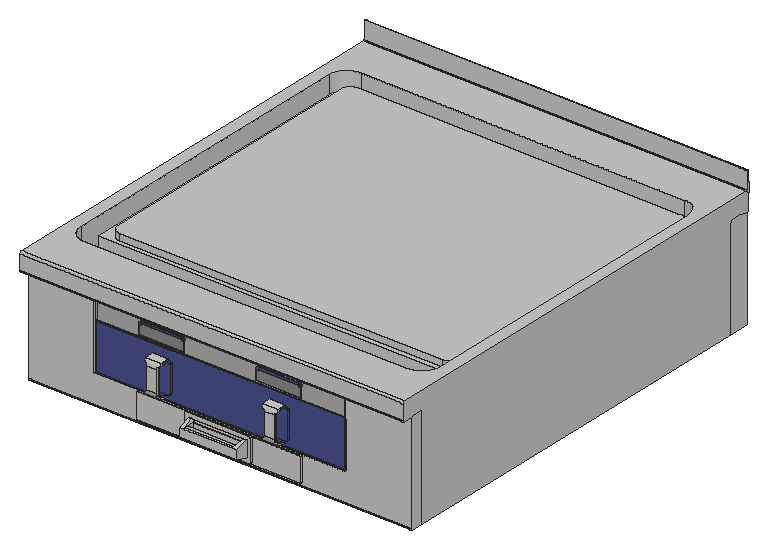
Revit family "QF_ELECTROLUXPROFESSIONAL_589091_MCHMABHOAO", category Specialty Equipment, Revit 2018
Family settings
  Round Connector Dimension = Use Diameter
  Part Type = Normal
  Work Plane-Based = No
  Always vertical = Yes
  Cut with Voids When Loaded = No
  Shared = No
  Room Calculation Point = No
Parameters
  Weight in Pounds = 264.6
  Watts = 15300 VA  # 15300 W
  Volts = 400 V  # constant formula
  URL Cutsheet = ""
  Type Mark [instance] = ""
  Status [instance] = ""
  Specification by User [instance] = ""
  Specification by Manufacturer = ""
  Show Clearance [instance] = yes
  Serial Number = ""
  Seismic Rating = ""
  SMACNA No = ""
  Revision Code [instance] = ""
  Phase = 3  # constant formula
  Omniclass Number and Title = ""
  Number of Poles [instance] = 1
  NAFEM Spec ID Number = ""
  Model = "589091"
  Min Ckt Ampacity = 0 A
  Max Overcurrent Protection = 0 A
  Masterspec = ""
  Manufacturer = "ELECTROLUX"
  Item Number [instance] = ""
  Installed By [instance] = ""
  Identify Quantity as Lot [instance] = yes
  HP = "20.5 HP"
  Furnished By [instance] = ""
  Foodservice Equipment Identifier [instance] = yes
  FL Amps [instance] = if(Phase = 3, Watts / (Volts * 1.73), Watts / Volts)  # 22.1098 A
  Electrical Remarks = "400 V/3N ph/50/60 Hz"  # constant formula
  Electric Connection Type [instance] = ""
  Elec Conn RI Height [instance] = 0 mm
  Elec Conn Connection Height [instance] = 0 mm
  Direct Waste Size = 0"
  Description = "EL.FRYTOP,SMOOTH PL,1S,BSPL,800X900X250"
  Cycle [instance] = if([60 Hertz Option], 60 Hz, 50 Hz)  # 60 Hz
  Conn Plug = ""
  Conn Conduit = yes
  CSI MasterFormat = ""
  CSI Master Format = ""
  Apparent Power [instance] = if(Phase = 3, Volts * FL Amps * 1.73, Volts * FL Amps)  # 15300 VA
  60 Hertz Option [instance] = not([50 Hertz Option])  # yes
  50 Hertz Option [instance] = no
Reference planes
  plane 1 "BACK": y = 0
  plane 2: z = 0
  plane 3 "LEFT": x = 0
  plane 4 "RIGHT": x = 800
  plane 5 "FRONT": y = -900
  plane 6 "TOP": z = 250
  plane 7: x = 400
  plane 8: y = -450
  plane 9: z = 582.185
  plane 10: y = -1330
Forms (mm)
  Extrusion 1, solid, material "QF_Finishes_Stainless Steel"
    sketch origin (0, -487.128, 0) x (0, 1, 0) y (0, 0, 1)
      loop
        line (483.128, 250) -> (-408.872, 250)
        arc (-408.872, 250) -> (-411.7, 248.828) -> (-412.872, 246) r 4
        line (-412.872, 246) -> (-412.872, 214)
        arc (-412.872, 214) -> (-411.443, 210.936) -> (-408.177, 210.061) r 4
        line (-408.177, 210.061) -> (-391.509, 213) -> (-366.872, 213) -> (-366.872, 0) -> (441.128, 0) -> (441.128, 213) -> (465.765, 213) -> (482.433, 210.061)
        arc (482.433, 210.061) -> (485.699, 210.936) -> (487.128, 214) r 4
        line (487.128, 214) -> (487.128, 246)
        arc (487.128, 246) -> (485.956, 248.828) -> (483.128, 250) r 4
    from 0 to 800
  Extrusion 2, void
    sketch origin (653.786, 44.048, 250) x (1, 0, 0) y (0, -1, 0)
      loop
        line (-590.636, 133.048) -> (83.064, 133.048)
        arc (83.064, 133.048) -> (110.04, 144.222) -> (121.214, 171.198) r 38.15
        line (121.214, 171.198) -> (121.214, 816.572)
        arc (121.214, 816.572) -> (109.944, 843.779) -> (82.737, 855.048) r 38.476
        line (82.737, 855.048) -> (-591.786, 855.048)
        arc (-591.786, 855.048) -> (-617.949, 844.211) -> (-628.786, 818.048) r 37
        line (-628.786, 818.048) -> (-628.786, 171.198)
        arc (-628.786, 171.198) -> (-617.613, 144.222) -> (-590.636, 133.048) r 38.15
    from 0 to 37
  Extrusion 3, void
    sketch origin (1307.573, 92.096, 213) x (0, 1, 0) y (1, 0, 0)
      loop
        line (-821.846, -532.573) -> (-864.62, -532.573)
        arc (-864.62, -532.573) -> (-891.827, -543.842) -> (-903.096, -571.049) r 38.476
        line (-903.096, -571.049) -> (-903.096, -1245.573)
        arc (-903.096, -1245.573) -> (-892.259, -1271.736) -> (-866.096, -1282.573) r 37
        line (-866.096, -1282.573) -> (-821.846, -1282.573) -> (-821.846, -532.573)
    from 0 to 25.6
  Extrusion 4, void
    sketch origin (1612.573, 92.096, 187.4) x (-1, 0, 0) y (0, 1, 0)
      loop
        circle (1212.573, -862.096) r 22.248
    from 0 to 92
  Extrusion 5, solid, material "QF_Finishes_Stainless Steel"
    sketch origin (0, -854, 0) x (1, 0, 0) y (0, -1, 0)
      loop
        circle (755, -169) r 6.35
    from 0 to 3.2
  Extrusion 6, solid, material "QF_Door-Drawer Clearances", visible <- "Show Clearance", detail levels coarse
    sketch origin (437.203, -881.593, 8.62) x (0, 0, 1) y (-1, 0, 0)
      loop
        line (1.973, -134.295) -> (49.317, -134.295)
        arc (49.317, -134.295) -> (50.776, -133.691) -> (51.38, -132.232) r 2.063
        line (51.38, -132.232) -> (51.38, 206.852)
        arc (51.38, 206.852) -> (50.88, 208.549) -> (49.541, 209.705) r 3.133
        line (49.541, 209.705) -> (3.067, 209.705)
        arc (3.067, 209.705) -> (0.898, 208.807) -> (0, 206.638) r 3.067
        line (0, 206.638) -> (0, -132.322)
        arc (0, -132.322) -> (0.578, -133.717) -> (1.973, -134.295) r 1.973
    from 0 to 448.407
  Extrusion 7, solid, material "QF_Finishes_Stainless Steel"
    sketch origin (0, 0, 0) x (0, 1, 0) y (0, 0, 1)
      loop
        line (-2.951, 2) -> (-2.951, 210.133)
        arc (-2.951, 210.133) -> (-3.795, 210.009) -> (-4.646, 210.066) r 4
        line (-4.646, 210.066) -> (-21.287, 213) -> (-45, 213) -> (-45, 0) -> (-4.951, 0)
        arc (-4.951, 0) -> (-3.537, 0.586) -> (-2.951, 2) r 2
      loop
        arc (-1.951, 252.006) -> (-2.537, 250.592) -> (-3.951, 250.006) r 2
        arc (-3.951, 250.006) -> (-1.172, 248.828) -> (0, 246) r 4
        line (0, 246) -> (0, 288.006) -> (-1.951, 288.006) -> (-1.951, 252.006)
    from 800 to 0
  Extrusion 8, solid, material "QF_Finishes_Stainless Steel"
    sketch origin (1507.573, 111.171, 213) x (1, 0, 0) y (0, 1, 0)
      loop
        line (-1462.573, -228.484) -> (-1462.573, -812.608)
        arc (-1462.573, -812.608) -> (-1457.257, -825.442) -> (-1444.423, -830.758) r 18.15
        line (-1444.423, -830.758) -> (-770.723, -830.758)
        arc (-770.723, -830.758) -> (-757.889, -825.442) -> (-752.573, -812.608) r 18.15
        line (-752.573, -812.608) -> (-752.573, -228.484)
        arc (-752.573, -228.484) -> (-757.889, -215.65) -> (-770.723, -210.334) r 18.15
        line (-770.723, -210.334) -> (-1444.423, -210.334)
        arc (-1444.423, -210.334) -> (-1457.257, -215.65) -> (-1462.573, -228.484) r 18.15
    from 0 to 13.3
Cuts and joins
  Extrusion 2, Extrusion 3, Extrusion 4 cuts Extrusion 1
Lines and regions (mm)
  symbolic lines
    curve 1: line (261.519, -902.326, 0) -> (261.519, -900, 0)
    curve 2: spline (267.188, -903.73, 0) -> (266.709, -903.657, 0) -> (266.231, -903.575, 0) -> (265.754, -903.486, 0) -> (265.278, -903.389, 0) -> (264.804, -903.283, 0) -> (264.33, -903.17, 0) -> (263.858, -903.049, 0) -> (263.387, -902.92, 0) -> (262.918, -902.783, 0) -> (262.45, -902.638, 0) -> (261.984, -902.486, 0) -> (261.519, -902.326, 0)
    curve 3: line (293.735, -902.326, 0) -> (293.735, -900, 0)
    curve 4: spline (293.735, -902.326, 0) -> (293.27, -902.486, 0) -> (292.804, -902.638, 0) -> (292.337, -902.783, 0) -> (291.867, -902.92, 0) -> (291.396, -903.049, 0) -> (290.924, -903.17, 0) -> (290.451, -903.283, 0) -> (289.976, -903.389, 0) -> (289.5, -903.486, 0) -> (289.023, -903.575, 0) -> (288.545, -903.657, 0) -> (288.066, -903.73, 0)
    curve 5: line (267.188, -903.73, 0) -> (288.066, -903.73, 0)
    curve 6: line (538.481, -902.326, 0) -> (538.481, -900, 0)
    curve 7: spline (532.812, -903.73, 0) -> (533.291, -903.657, 0) -> (533.769, -903.575, 0) -> (534.246, -903.486, 0) -> (534.722, -903.389, 0) -> (535.196, -903.283, 0) -> (535.67, -903.17, 0) -> (536.142, -903.049, 0) -> (536.613, -902.92, 0) -> (537.082, -902.783, 0) -> (537.55, -902.638, 0) -> (538.016, -902.486, 0) -> (538.481, -902.326, 0)
    curve 8: line (506.265, -902.326, 0) -> (506.265, -900, 0)
    curve 9: spline (506.265, -902.326, 0) -> (506.73, -902.486, 0) -> (507.196, -902.638, 0) -> (507.663, -902.783, 0) -> (508.133, -902.92, 0) -> (508.604, -903.049, 0) -> (509.076, -903.17, 0) -> (509.549, -903.283, 0) -> (510.024, -903.389, 0) -> (510.5, -903.486, 0) -> (510.977, -903.575, 0) -> (511.455, -903.657, 0) -> (511.934, -903.73, 0)
    curve 10: line (532.812, -903.73, 0) -> (511.934, -903.73, 0)
    curve 11: line (25, -774, 0) -> (25, -127.15, 0)
    curve 12: arc (25, -127.15, 0) -> (36.174, -100.174, 0) -> (63.15, -89, 0) r 38.15
    curve 13: line (63.15, -89, 0) -> (736.85, -89, 0)
    curve 14: arc (736.85, -89, 0) -> (763.826, -100.174, 0) -> (775, -127.15, 0) r 38.15
    curve 15: line (775, -127.15, 0) -> (775, -772.524, 0)
    curve 16: arc (775, -772.524, 0) -> (763.731, -799.731, 0) -> (736.524, -811, 0) r 38.476
    curve 17: line (736.524, -811, 0) -> (62, -811, 0)
    curve 18: arc (62, -811, 0) -> (35.837, -800.163, 0) -> (25, -774, 0) r 37
    curve 19: line (775, -729.75, 0) -> (25, -729.75, 0)
    curve 20: circle (400, -770, 0) r 22.248 normal (0, 0, -1)
    curve 21: line (0, 0, 0) -> (800, 0, 0)
    curve 22: line (0, -900, 0) -> (0, 0, 0)
    curve 23: line (800, -900, 0) -> (0, -900, 0)
    curve 24: line (800, 0, 0) -> (800, -900, 0)
    curve 25: line (347.608, -908.767, 0) -> (450.042, -908.767, 0)
    curve 26: line (450.042, -908.767, 0) -> (451.588, -900, 0)
    curve 27: line (347.608, -908.767, 0) -> (346.062, -900, 0)
    curve 31: line (736.85, -99.163, 0) -> (63.15, -99.163, 0)
    curve 32: arc (63.15, -99.163, 0) -> (50.316, -104.479, 0) -> (45, -117.313, 0) r 18.15
    curve 33: line (45, -117.313, 0) -> (45, -701.437, 0)
    curve 34: arc (45, -701.437, 0) -> (50.316, -714.271, 0) -> (63.15, -719.587, 0) r 18.15
    curve 35: line (63.15, -719.587, 0) -> (736.85, -719.587, 0)
    curve 36: arc (736.85, -719.587, 0) -> (749.684, -714.271, 0) -> (755, -701.437, 0) r 18.15
    curve 37: line (755, -701.437, 0) -> (755, -117.313, 0)
    curve 38: arc (755, -117.313, 0) -> (749.684, -104.479, 0) -> (736.85, -99.163, 0) r 18.15
  symbolic lines, style "QF_Door-Drawer Clearances"
    curve 28: line (227.498, -1330, 0) -> (227.498, -900, 0)
    curve 29: line (227.498, -1330, 0) -> (571.498, -1330, 0)
    curve 30: line (571.498, -1330, 0) -> (571.498, -900, 0)
Dimensions and locks
  plane 3 "LEFT" to plane 4 "RIGHT" = 800 mm
  plane 5 "FRONT" to plane 1 "BACK" = 900 mm
  equal spacing: plane 3 "LEFT", plane 7, plane 4 "RIGHT"
  equal spacing: plane 5 "FRONT", plane 8, plane 1 "BACK"
  plane 6 "TOP" to level = 250 mm  (x2)
  plane 1 "BACK" to plane 5 "FRONT" = 900 mm
  Extrusion 5 sketch curve to plane 1 "BACK" = 685 mm
  Extrusion 5 sketch curve to plane 4 "RIGHT" = 45 mm
  plane 5 "FRONT" to plane 10 = 430 mm
  radius of Extrusion 8 sketch curve = 18.15 mm  (x4)
  aligned and locked: level to plane 2
  aligned and locked: Extrusion 6 to plane 10
  aligned and locked: cut or joined group of Extrusion 1, Extrusion 2, Extrusion 3, Extrusion 4 to plane 4 "RIGHT"
  aligned and locked: plane 7 to nested 1
  aligned and locked: Extrusion 7 to plane 4 "RIGHT"
Automatic sketch dimensions
  Extrusion 1 to Extrusion 2 sketch curve = 85 mm  (x2)
  Extrusion 1 to Extrusion 2 sketch curve = 122 mm
  Extrusion 1 to Extrusion 2 sketch curve = 25 mm
  Extrusion 2 sketch curve to Extrusion 2 sketch curve = 38.15 mm  (x2)
  Extrusion 1 to Extrusion 2 sketch curve = 123.476 mm
  Extrusion 2 sketch curve to Extrusion 2 sketch curve = 674.524 mm
  Extrusion 1 sketch curve to plane 5 "FRONT" = 0 mm
  Extrusion 1 sketch curve to plane 6 "TOP" = 0 mm
  Extrusion 1 sketch curve to level = 0 mm
  Extrusion 1 sketch curve to plane 1 "BACK" = 0 mm
  Extrusion 1 sketch curve to plane 6 "TOP" = 37 mm  (x2)
  Extrusion 1 sketch curve to plane 5 "FRONT" = 4 mm
  Extrusion 1 sketch curve to plane 5 "FRONT" = 21.363 mm
  Extrusion 1 sketch curve to plane 5 "FRONT" = 46 mm
  plane 1 "BACK" to Extrusion 1 sketch curve = 21.363 mm
  plane 1 "BACK" to Extrusion 1 sketch curve = 4 mm  (x2)
  Extrusion 1 sketch curve to Extrusion 1 sketch curve = 4 mm
  Extrusion 1 sketch curve to Extrusion 1 sketch curve = 0.695 mm
  Extrusion 1 sketch curve to Extrusion 1 sketch curve = 0 mm  (x4)
  plane 1 "BACK" to Extrusion 1 sketch curve = 4.695 mm
  Extrusion 1 sketch curve to Extrusion 1 sketch curve = 1 mm  (x2)
  plane 1 "BACK" to Extrusion 1 sketch curve = 46 mm
  Extrusion 3 sketch curve to Extrusion 2 = 81.25 mm
  Extrusion 2 to Extrusion 3 sketch curve = 0 mm  (x2)
  Extrusion 3 sketch curve to Extrusion 3 sketch curve = 37 mm
  Extrusion 3 sketch curve to Extrusion 3 sketch curve = 674.524 mm
  Extrusion 3 sketch curve to Extrusion 2 = 38.476 mm
  Extrusion 4 sketch curve to Extrusion 3 = 41 mm
  Extrusion 4 sketch curve to Extrusion 3 = 375 mm
  plane 1 "BACK" to curve 21 = 0 mm
  curve 21 to plane 4 "RIGHT" = 0 mm
  curve 28 to plane 10 = 0 mm
  curve 22 to plane 3 "LEFT" = 0 mm
  plane 5 "FRONT" to curve 30 = 0 mm
  plane 4 "RIGHT" to curve 15 = 25 mm
  curve 15 to curve 13 = 38.15 mm
  curve 16 to curve 17 = 38.476 mm
  plane 5 "FRONT" to curve 6 = 2.326 mm
  plane 7 to curve 6 = 138.481 mm
  plane 5 "FRONT" to curve 10 = 3.73 mm
  curve 7 to curve 10 = 5.669 mm
  plane 5 "FRONT" to curve 26 = 8.767 mm
  curve 7 to curve 26 = 82.77 mm
  curve 10 to curve 25 = 61.891 mm
  plane 5 "FRONT" to curve 8 = 2.326 mm
  curve 10 to curve 8 = 5.669 mm
  plane 5 "FRONT" to curve 3 = 2.326 mm
  curve 3 to plane 7 = 106.265 mm
  plane 5 "FRONT" to curve 5 = 3.73 mm
  curve 3 to curve 5 = 5.669 mm
  curve 27 to curve 5 = 59.542 mm
  curve 25 to curve 5 = 80.42 mm
  plane 5 "FRONT" to curve 1 = 2.326 mm
  curve 2 to curve 1 = 5.669 mm
  plane 3 "LEFT" to curve 13 = 63.15 mm
  plane 3 "LEFT" to curve 17 = 62 mm
  plane 3 "LEFT" to curve 28 = 227.498 mm
  plane 3 "LEFT" to curve 11 = 25 mm
  plane 4 "RIGHT" to curve 30 = 228.502 mm
  curve 6 to curve 7 = 9.839 mm
  curve 7 to curve 9 = 12.538 mm
  curve 9 to curve 26 = 64.516 mm
  plane 5 "FRONT" to curve 4 = 4.032 mm
  curve 5 to curve 4 = 4.17 mm
  curve 27 to curve 4 = 62.166 mm
  curve 4 to curve 2 = 12.538 mm
  curve 20 to curve 18 = 338 mm
  plane 1 "BACK" to curve 13 = 89 mm
  curve 15 to plane 5 "FRONT" = 127.476 mm
  curve 19 to curve 18 = 44.25 mm
  curve 20 to curve 18 = 4 mm
  curve 7 to plane 5 "FRONT" = 39.101 mm
  curve 9 to curve 7 = 0 mm
  curve 2 to curve 4 = 0 mm
  level to Extrusion 6 sketch curve = 8.62 mm
  level to Extrusion 6 sketch curve = 57.937 mm
  plane 7 to Extrusion 6 sketch curve = 171.498 mm
  Extrusion 6 sketch curve to Extrusion 6 sketch curve = 1.973 mm
  Extrusion 6 sketch curve to Extrusion 6 sketch curve = 3.067 mm
  Extrusion 6 sketch curve to Extrusion 6 sketch curve = 46.474 mm
  Extrusion 6 sketch curve to Extrusion 6 sketch curve = 2.063 mm
  Extrusion 6 sketch curve to Extrusion 6 sketch curve = 3.133 mm
  Extrusion 6 sketch curve to plane 7 = 169.435 mm
  Extrusion 7 sketch curve to level = 0 mm
  Extrusion 7 sketch curve to plane 1 "BACK" = 0 mm  (x2)
  level to Extrusion 7 sketch curve = 2 mm
  Extrusion 7 sketch curve to plane 6 "TOP" = 0 mm
  plane 1 "BACK" to Extrusion 7 sketch curve = 1.951 mm
  plane 1 "BACK" to Extrusion 7 sketch curve = 2.951 mm
  Extrusion 7 sketch curve to Extrusion 7 sketch curve = 18.335 mm
  Extrusion 7 sketch curve to Extrusion 7 sketch curve = 40.049 mm
  Extrusion 7 sketch curve to Extrusion 7 sketch curve = 1.695 mm
  Extrusion 7 sketch curve to Extrusion 7 sketch curve = 0 mm  (x3)
  plane 1 "BACK" to Extrusion 7 sketch curve = 4 mm
  plane 1 "BACK" to Extrusion 7 sketch curve = 3.951 mm
  Extrusion 7 sketch curve to Extrusion 7 sketch curve = 2 mm
  Extrusion 7 sketch curve to Extrusion 7 sketch curve = 35.867 mm
  Extrusion 7 sketch curve to plane 6 "TOP" = 37 mm
  plane 6 "TOP" to Extrusion 7 sketch curve = 2.006 mm
  Extrusion 7 sketch curve to Extrusion 7 sketch curve = 36 mm
  Extrusion 7 sketch curve to Extrusion 7 sketch curve = 0.066 mm
  Extrusion 8 sketch curve to Extrusion 2 = 109.563 mm
  Extrusion 8 sketch curve to Extrusion 2 = 20 mm
  Extrusion 8 sketch curve to Extrusion 2 = 28.313 mm
  Extrusion 8 sketch curve to Extrusion 2 = 711.85 mm
  Extrusion 8 sketch curve to Extrusion 8 sketch curve = 0 mm
  plane 4 "RIGHT" to curve 37 = 45 mm
  plane 4 "RIGHT" to curve 31 = 63.15 mm
  plane 1 "BACK" to curve 31 = 99.163 mm
  curve 36 to curve 35 = 18.15 mm
  curve 31 to curve 13 = 0 mm
  curve 35 to curve 19 = 38.15 mm
  curve 34 to curve 33 = 18.15 mm
  curve 33 to curve 19 = 28.313 mm
  radius of Extrusion 4 sketch curve = 22.248 mm
  radius of Extrusion 5 sketch curve = 6.35 mm
  radius of curve 20 = 22.248 mm
Nested families
  nested 1: "EG_900_800 Front Panel with Center Grease Trap" at (402.376, -854, -650), type "EG_900_800 Front Panel with Center Grease Trap"
    with Width 800 mm
Connectors
  electrical at (755, -685, -3.2), driven by "Volts", driven by "Watts"
    settings: on Extrusion 5, index 1, voltage 400 V, apparent load 15300 VA, apparent load phase1 0 VA, apparent load phase2 0 VA, apparent load phase3 0 VA, power factor 1, load classification "Other", number of poles 1, system type 30, power factor state 1, is connector primary yes, connector utility no, sub classification motor no, connector description "ELECTRICAL CONNECTION"
Definition of nested family "EG_900_800 Front Panel with Center Grease Trap"
  Parameters
    Width [instance] = 800 mm
  Reference planes
    plane 1 "Center (Front/Back)": y = 0
    plane 2: z = 0
    plane 3 "Center (Left/Right)": x = -2.376
    plane 4: x = -402.376
    plane 5: x = 397.624
  Forms (mm)
    Extrusion 1, solid
      sketch origin (833.217, 829.203, -1.25) x (0, 1, 0) y (0, 0, 1)
        loop
          arc (-854.203, 654.25) -> (-853.324, 652.129) -> (-851.203, 651.25) r 3
          line (-851.203, 651.25) -> (-829.203, 651.25) -> (-829.203, 864.25) -> (-854.203, 864.25) -> (-854.203, 654.25)
      from -1235.593 to -435.593
    Extrusion 2, void
      sketch origin (33.217, 829.203, -1.25) x (1, 0, 0) y (0, 0, 1)
        loop
          line (-298.093, 855.116) -> (-298.093, 713.116) -> (226.907, 713.116) -> (226.907, 855.116) -> (-298.093, 855.116)
      from 848.59 to 854.203
  Cuts and joins
    Extrusion 2 cuts Extrusion 1
  Dimensions and locks
    equal spacing: plane 5, plane 3 "Center (Left/Right)", plane 4
    "Width": plane 5 to plane 4
    aligned and locked: cut or joined group of Extrusion 1, Extrusion 2 to plane 4
    aligned and locked: plane 5 to cut or joined group of Extrusion 1, Extrusion 2
    aligned and locked: plane 3 "Center (Left/Right)" to nested 2
    aligned and locked: cut or joined group of Extrusion 1, Extrusion 2 to nested 2
  Automatic sketch dimensions
    Extrusion 1 sketch curve to plane 1 "Center (Front/Back)" = 0 mm
    plane 1 "Center (Front/Back)" to Extrusion 1 sketch curve = 22 mm
    Extrusion 1 sketch curve to Extrusion 1 sketch curve = 3 mm
    level to Extrusion 1 sketch curve = 650 mm
    Extrusion 1 sketch curve to Extrusion 1 sketch curve = 210 mm
    plane 4 to Extrusion 2 sketch curve = 137.5 mm
    Extrusion 2 sketch curve to plane 5 = 137.5 mm
    level to Extrusion 2 sketch curve = 711.866 mm
    Extrusion 2 sketch curve to Extrusion 2 sketch curve = 142 mm
  Nested families
    nested 1: "Range Control Handle" at (-124.522, -28.137, -209.113) x (-1, 0, 0) z (0, 0, 1), type "Range Control Handle"
    nested 2: "800 Panel - Glass conrol panel" at (-30.376, 280.644, 2.752), type "800 Panel - Glass conrol panel"
      with Width 525 mm
    nested 3: "800 Panel - Grease trap door" at (65.223, -25, 0.608) x (-1, 0, 0) z (0, 0, 1), type "800 Panel - Grease trap door"
    nested 4: "Range Control Handle" at (119.771, -28.137, -209.113), type "Range Control Handle"
  Definition of nested family "Range Control Handle"
    Reference planes
      plane 1 "Center (Front/Back)": y = 0
      plane 2: z = 0
      plane 3 "Center (Left/Right)": x = 0
      plane 4: z = 971.092
    Forms (mm)
      Extrusion 1, solid
        sketch origin (-746.28, 380.497, 208.931) x (-1, 0, 0) y (0, 0, 1)
          loop
            line (-770.101, 786.798) -> (-770.101, 731.649)
            arc (-770.101, 731.649) -> (-769.759, 730.563) -> (-768.855, 729.87) r 1.893
            line (-768.855, 729.87) -> (-763.474, 727.911) -> (-729.81, 727.911) -> (-724.428, 729.87)
            arc (-724.428, 729.87) -> (-723.525, 730.563) -> (-723.183, 731.649) r 1.893
            line (-723.183, 731.649) -> (-723.183, 786.798)
            arc (-723.183, 786.798) -> (-723.529, 787.894) -> (-724.44, 788.593) r 1.91
            line (-724.44, 788.593) -> (-729.683, 790.819) -> (-763.601, 790.819) -> (-768.844, 788.593)
            arc (-768.844, 788.593) -> (-769.755, 787.894) -> (-770.101, 786.798) r 1.91
        from -382.35 to -378.852
      Sweep 2, solid
        path origin (-746.788, 380.496, 208.091) x (0, -1, 0) y (0, 0, 1)
          loop
            line (379.775, 793.281) -> (395.661, 791.048)
            arc (395.661, 791.048) -> (397.781, 787.377) -> (398.517, 783.202) r 12.207
            line (398.517, 783.202) -> (398.517, 737.368)
            arc (398.517, 737.368) -> (397.781, 733.193) -> (395.661, 729.522) r 12.207
            line (395.661, 729.522) -> (379.775, 727.289)
        profile origin (-746.788, -7.222, 1000.256) x (0, -0.139173, 0.990268) y (-1, 0, 0)
          loop
            line (0.782, -763.123) -> (0.782, -730.907) -> (-1.322, -730.907) -> (-1.322, -763.123) -> (0.782, -763.123)
      Sweep 3, solid
        path origin (-746.788, 380.715, 207.832) x (0, -1, 0) y (0, 0, 1)
          loop
            line (380.478, 795.442) -> (397.218, 793.09)
            arc (397.218, 793.09) -> (399.929, 788.473) -> (400.871, 783.202) r 15.207
            line (400.871, 783.202) -> (400.871, 737.584)
            arc (400.871, 737.584) -> (399.914, 732.274) -> (397.164, 727.633) r 15.207
            line (397.164, 727.633) -> (380.601, 725.305)
        profile origin (-746.788, -8.132, 1002.099) x (0, -0.139173, 0.990268) y (-1, 0, 0)
          loop
            line (0.782, -763.123) -> (0.782, -730.907) -> (-1.322, -730.907) -> (-1.322, -763.123) -> (0.782, -763.123)
      Extrusion 4, void
        sketch origin (889.253, 220.666, 207.993) x (1, 0, 0) y (0, 0, 1)
          loop
            line (-943.038, 816.854) -> (-943.038, 703.686) -> (-899.466, 734.196) -> (-899.466, 786.344) -> (-943.038, 816.854)
        from 230.636 to 242.25
      Extrusion 5, void
        sketch origin (-888.8, 220.666, 207.993) x (-1, 0, 0) y (0, 0, -1)
          loop
            line (-943.038, -816.854) -> (-899.466, -786.344) -> (-899.466, -734.196) -> (-943.038, -703.686) -> (-943.038, -816.854)
        from 230.636 to 242.25
      Extrusion 6, solid
        sketch origin (0, 0, 0) x (1, 0, 0) y (0, 0, 1)
          loop
            circle (0, 971.092) r 7.736
        from -3.137 to -1.645
    Cuts and joins
      Extrusion 4, Extrusion 5 cuts Sweep 3
      Extrusion 4, Extrusion 5 cuts Sweep 2
      joined: Extrusion 1, Extrusion 6
    Lines and regions (mm)
      symbolic lines
        curve 1: line (23.821, 1.645, 0) -> (-23.097, 1.645, 0)
        curve 2: line (16.334, -1.853, 0) -> (23.821, -1.853, 0)
        curve 3: line (-15.881, -19.189, 0) -> (-15.881, -1.853, 0)
        curve 4: line (-23.097, -1.853, 0) -> (-15.881, -1.853, 0)
        curve 5: line (16.334, -19.189, 0) -> (16.334, -1.853, 0)
        curve 6: spline (-15.881, -19.189, 0) -> (-15.417, -19.349, 0) -> (-14.951, -19.501, 0) -> (-14.483, -19.646, 0) -> (-14.014, -19.783, 0) -> (-13.543, -19.912, 0) -> (-13.071, -20.033, 0) -> (-12.597, -20.146, 0) -> (-12.122, -20.251, 0) -> (-11.646, -20.349, 0) -> (-11.169, -20.438, 0) -> (-10.691, -20.52, 0) -> (-10.213, -20.593, 0)
        curve 7: spline (10.666, -20.593, 0) -> (11.144, -20.52, 0) -> (11.622, -20.438, 0) -> (12.099, -20.349, 0) -> (12.575, -20.251, 0) -> (13.05, -20.146, 0) -> (13.524, -20.033, 0) -> (13.996, -19.912, 0) -> (14.467, -19.783, 0) -> (14.936, -19.646, 0) -> (15.404, -19.501, 0) -> (15.87, -19.349, 0) -> (16.334, -19.189, 0)
        curve 8: line (-10.213, -20.938, 0) -> (10.716, -20.938, 0)
        curve 9: line (-23.097, 1.645, 0) -> (-23.097, -1.853, 0)
        curve 10: line (23.821, 1.645, 0) -> (23.821, -1.853, 0)
  Definition of nested family "800 Panel - Glass conrol panel"
    Parameters
      Width [instance] = 525 mm
    Reference planes
      plane 1 "Center (Front/Back)": y = 0
      plane 2: z = 0
      plane 3 "Center (Left/Right)": x = 28
      plane 4: x = -234.5
      plane 5: x = 290.5
    Forms (mm)
      Extrusion 1, solid
        sketch origin (378.286, 0, 0.617) x (1, 0, 0) y (0, 0, 1)
          loop
            line (-612.786, 806.791) -> (-612.786, 708.497) -> (-87.786, 708.497) -> (-87.786, 806.791) -> (-612.786, 806.791)
        from 300.031 to 304.8
      Extrusion 2, solid
        sketch origin (378.286, 0, 0.617) x (1, 0, 0) y (0, 0, 1)
          loop
            line (-612.786, 850.497) -> (-612.786, 806.791) -> (-87.786, 806.791) -> (-87.786, 850.497) -> (-612.786, 850.497)
        from 300.031 to 304.8
      Extrusion 3, void
        sketch origin (378.286, 0, 0.617) x (1, 0, 0) y (0, 0, 1)
          loop
            line (-610.128, 847.565) -> (-610.128, 710.699) -> (-90.696, 710.699) -> (-90.696, 847.565) -> (-610.128, 847.565)
        from 303.697 to 304.8
      Extrusion 4, solid
        sketch origin (-430.455, 1.101, -0.633) x (-1, 0, 0) y (0, 0, -1)
          loop
            line (-289.431, -812.62) -> (-383.186, -812.62) -> (-383.186, -834.177) -> (-378.269, -834.177) -> (-376.469, -835.977) -> (-296.039, -835.977) -> (-294.24, -834.177) -> (-289.431, -834.177) -> (-289.431, -812.62)
        from 304.798 to 306.745
      Extrusion 5, solid
        sketch origin (-430.455, 1.101, -0.633) x (-1, 0, 0) y (0, 0, -1)
          loop
            line (-378.269, -834.177) -> (-383.078, -834.177)
            arc (-383.078, -834.177) -> (-381.942, -838.747) -> (-377.686, -840.763) r 5.5
            line (-377.686, -840.763) -> (-294.98, -840.763)
            arc (-294.98, -840.763) -> (-290.706, -838.752) -> (-289.529, -834.177) r 5.549
            line (-289.529, -834.177) -> (-294.24, -834.177) -> (-296.039, -835.977) -> (-376.469, -835.977) -> (-378.269, -834.177)
        from 304.798 to 306.745
      Extrusion 6, solid
        sketch origin (486.455, 1.101, -0.633) x (1, 0, 0) y (0, 0, 1)
          loop
            line (-289.431, 812.62) -> (-289.431, 834.177) -> (-294.24, 834.177) -> (-296.039, 835.977) -> (-376.469, 835.977) -> (-378.269, 834.177) -> (-383.186, 834.177) -> (-383.186, 812.62) -> (-289.431, 812.62)
        from 304.798 to 306.745
      Extrusion 7, solid
        sketch origin (486.455, 1.101, -0.633) x (1, 0, 0) y (0, 0, 1)
          loop
            line (-378.269, 834.177) -> (-376.469, 835.977) -> (-296.039, 835.977) -> (-294.24, 834.177) -> (-289.529, 834.177)
            arc (-289.529, 834.177) -> (-290.706, 838.752) -> (-294.98, 840.763) r 5.549
            line (-294.98, 840.763) -> (-377.686, 840.763)
            arc (-377.686, 840.763) -> (-381.942, 838.747) -> (-383.078, 834.177) r 5.5
            line (-383.078, 834.177) -> (-378.269, 834.177)
        from 304.798 to 306.745
    Cuts and joins
      Extrusion 3 cuts Extrusion 1
      Extrusion 3 cuts Extrusion 2
    Dimensions and locks
      "Width": plane 5 to plane 4
      equal spacing: plane 5, plane 3 "Center (Left/Right)", plane 4
      aligned and locked: Extrusion 1 to Extrusion 2
      aligned and locked: Extrusion 5 to Extrusion 4
      aligned and locked: plane 5 to cut or joined group of Extrusion 1, Extrusion 3
      aligned and locked: plane 5 to cut or joined group of Extrusion 2, Extrusion 3
      aligned and locked: cut or joined group of Extrusion 1, Extrusion 3 to plane 4
      aligned and locked: cut or joined group of Extrusion 2, Extrusion 3 to plane 4
      aligned and locked: Extrusion 7 to Extrusion 6
    Automatic sketch dimensions
      Extrusion 1 sketch curve to plane 4 = 0 mm
      Extrusion 1 sketch curve to plane 5 = 0 mm
      level to Extrusion 1 sketch curve = 709.114 mm
      Extrusion 1 sketch curve to Extrusion 1 sketch curve = 98.294 mm
      Extrusion 2 sketch curve to plane 4 = 0 mm
      Extrusion 2 sketch curve to plane 5 = 0 mm
      level to Extrusion 2 sketch curve = 807.408 mm
      Extrusion 2 sketch curve to Extrusion 2 sketch curve = 43.706 mm
      plane 4 to Extrusion 3 sketch curve = 2.658 mm
      level to Extrusion 3 sketch curve = 711.316 mm
      Extrusion 3 sketch curve to plane 5 = 2.909 mm
      Extrusion 3 sketch curve to Extrusion 3 sketch curve = 136.866 mm
      Extrusion 4 sketch curve to plane 3 "Center (Left/Right)" = 75.269 mm
      plane 4 to Extrusion 4 sketch curve = 100.084 mm
      level to Extrusion 4 sketch curve = 835.343 mm
      Extrusion 4 sketch curve to Extrusion 4 sketch curve = 4.917 mm
      Extrusion 4 sketch curve to Extrusion 4 sketch curve = 1.8 mm  (x4)
      Extrusion 4 sketch curve to Extrusion 4 sketch curve = 4.809 mm
      Extrusion 4 sketch curve to Extrusion 4 sketch curve = 21.557 mm
      Extrusion 5 sketch curve to plane 3 "Center (Left/Right)" = 75.377 mm
      Extrusion 5 sketch curve to plane 3 "Center (Left/Right)" = 80.769 mm
      level to Extrusion 5 sketch curve = 840.129 mm
      Extrusion 5 sketch curve to Extrusion 5 sketch curve = 0.583 mm
      Extrusion 5 sketch curve to Extrusion 5 sketch curve = 1.217 mm
      Extrusion 5 sketch curve to Extrusion 5 sketch curve = 80.43 mm
      Extrusion 5 sketch curve to Extrusion 5 sketch curve = 1.059 mm
      Extrusion 5 sketch curve to Extrusion 5 sketch curve = 0.741 mm
      Extrusion 5 sketch curve to Extrusion 5 sketch curve = 4.711 mm
      Extrusion 5 sketch curve to Extrusion 5 sketch curve = 4.786 mm
      Extrusion 5 sketch curve to Extrusion 5 sketch curve = 1.8 mm  (x2)
      plane 3 "Center (Left/Right)" to Extrusion 6 sketch curve = 75.269 mm
      level to Extrusion 6 sketch curve = 811.987 mm
      Extrusion 6 sketch curve to Extrusion 6 sketch curve = 4.917 mm
      Extrusion 6 sketch curve to Extrusion 6 sketch curve = 1.8 mm  (x3)
      Extrusion 6 sketch curve to Extrusion 6 sketch curve = 80.43 mm
      Extrusion 6 sketch curve to Extrusion 6 sketch curve = 4.809 mm
      Extrusion 6 sketch curve to Extrusion 6 sketch curve = 21.557 mm  (x2)
      plane 3 "Center (Left/Right)" to Extrusion 7 sketch curve = 75.377 mm
      plane 3 "Center (Left/Right)" to Extrusion 7 sketch curve = 80.186 mm
      level to Extrusion 7 sketch curve = 833.543 mm
      Extrusion 7 sketch curve to Extrusion 7 sketch curve = 0.583 mm
      Extrusion 7 sketch curve to Extrusion 7 sketch curve = 1.217 mm
      Extrusion 7 sketch curve to Extrusion 7 sketch curve = 80.43 mm
      Extrusion 7 sketch curve to Extrusion 7 sketch curve = 1.059 mm
      Extrusion 7 sketch curve to Extrusion 7 sketch curve = 0.741 mm
      Extrusion 7 sketch curve to Extrusion 7 sketch curve = 4.711 mm
      Extrusion 7 sketch curve to Extrusion 7 sketch curve = 0 mm
      Extrusion 7 sketch curve to Extrusion 7 sketch curve = 1.8 mm
      Extrusion 7 sketch curve to Extrusion 7 sketch curve = 4.786 mm
  Definition of nested family "800 Panel - Grease trap door"
    Reference planes
      plane 1 "Center (Front/Back)": y = 0
      plane 2: z = 0
      plane 3 "Center (Left/Right)": x = 0
    Forms (mm)
      Extrusion 1, solid
        sketch origin (1627.55, 854.203, -1.25) x (1, 0, 0) y (0, 0, 1)
          loop
            arc (-1627.55, 661.235) -> (-1626.972, 659.84) -> (-1625.577, 659.262) r 1.973
            line (-1625.577, 659.262) -> (-1494.325, 659.262)
            arc (-1494.325, 659.262) -> (-1492.156, 660.16) -> (-1491.258, 662.329) r 3.067
            line (-1491.258, 662.329) -> (-1491.258, 708.803)
            arc (-1491.258, 708.803) -> (-1492.414, 710.143) -> (-1494.111, 710.642) r 3.133
            line (-1494.111, 710.642) -> (-1625.486, 710.642)
            arc (-1625.486, 710.642) -> (-1626.945, 710.038) -> (-1627.55, 708.579) r 2.063
            line (-1627.55, 708.579) -> (-1627.55, 661.235)
        from 856.795 to 859.203
      Extrusion 2, solid
        sketch origin (445.874, 2476.61, 0) x (0, 1, 0) y (0, 0, 1)
          loop
            line (-2506.377, 675.273) -> (-2481.61, 667.505) -> (-2481.61, 700.995) -> (-2506.377, 693.227) -> (-2506.377, 675.273)
        from -437.68 to -317.68
      Extrusion 3, void
        sketch origin (1627.55, 854.203, -1.25) x (1, 0, 0) y (0, 0, 1)
          loop
            line (-1614.883, 703) -> (-1610.542, 695.433) -> (-1508.17, 695.433) -> (-1503.828, 703) -> (-1614.883, 703)
          loop
            line (-1614.883, 668) -> (-1502.669, 668) -> (-1507.01, 675.567) -> (-1610.542, 675.567) -> (-1614.883, 668)
        from 832.916 to 883.97
      Extrusion 4, void
        sketch origin (447.55, 854.203, -1.25) x (1, 0, 0) y (0, 0, 1)
          loop
            line (-430.542, 695.433) -> (-430.542, 675.567) -> (-328.17, 675.567) -> (-328.17, 695.433) -> (-430.542, 695.433)
        from 859.203 to 874.202
      Extrusion 5, solid
        sketch origin (1627.55, 854.203, -1.25) x (1, 0, 0) y (0, 0, 1)
          loop
            line (-1390.516, 710.642) -> (-1729.386, 710.642)
            arc (-1729.386, 710.642) -> (-1730.845, 710.038) -> (-1731.449, 708.579) r 2.063
            line (-1731.449, 708.579) -> (-1731.449, 661.235)
            arc (-1731.449, 661.235) -> (-1730.871, 659.84) -> (-1729.476, 659.262) r 1.973
            line (-1729.476, 659.262) -> (-1390.516, 659.262)
            arc (-1390.516, 659.262) -> (-1388.347, 660.16) -> (-1387.449, 662.329) r 3.067
            line (-1387.449, 662.329) -> (-1387.449, 707.485)
            arc (-1387.449, 707.485) -> (-1388.347, 709.653) -> (-1390.516, 710.552) r 3.067
        from 854.203 to 856.795
    Cuts and joins
      Extrusion 3 cuts Extrusion 1
      Extrusion 3, Extrusion 4 cuts Extrusion 2
      joined: Extrusion 1, Extrusion 2
    Lines and regions (mm)
      symbolic lines
        curve 1: line (0, -2.593, 0) -> (136.292, -2.593, 0)
        curve 2: line (17.557, -29.767, 0) -> (12.667, -2.593, 0)
        curve 3: line (17.557, -29.767, 0) -> (119.991, -29.767, 0)
        curve 4: line (119.991, -29.767, 0) -> (124.881, -2.593, 0)
        curve 5: line (68.146, -2.593, 0) -> (68.146, -29.767, 0)
      model lines
        curve 6: line (67.599, 0, 658.012) -> (67.599, 0, 709.392)
    Dimensions and locks
      aligned and locked: Extrusion 2 to Extrusion 1
      aligned and locked: Extrusion 3 to Extrusion 2
      aligned and locked: Extrusion 4 to Extrusion 1
